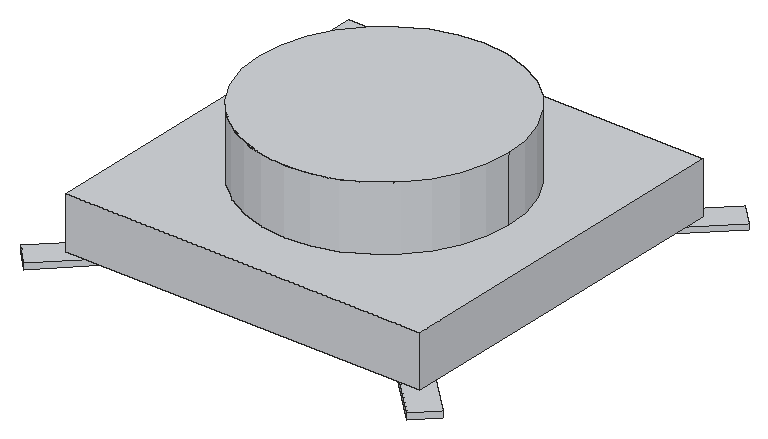
Revit family "Im-Beton-Kanalsystem_IBK_Im-Beton-Dose_für_GESR9", category Generic Models, Revit 2015
Parameters (values of type "IBD 35048 9")
  Width = 440 mm
  URL = "http://www.obo-bettermann.com"
  Material = Steel, Galvanized
  Manufacturer Art. No. = "7399858"
  Manufacturer = "OBO Bettermann"
  Height = 152.2 mm
  GTIN = "4012196331789\r\n4012196331789"
  Dose Height = 72 mm
  Article Type = "IBD 35048 R9"
Types (3, lengths in mm): name | Manufacturer Art. No. | Height | GTIN | Dose Height | Article Type
  (no name) | "7399858" | 152.2 | "4012196331789\r\n4012196331789" | 72 | "IBD 35048 R9"
  IBD 35038 R9 | "7399856" | 142 | "4012196331772" | 62 | "IBD 35038 R9"
  IBD 35048 9 | "7399858" | 152.2 | "4012196331789\r\n4012196331789" | 72 | "IBD 35048 R9"
Reference planes
  plane 1 "Center (Front/Back)": y = 0
  plane 2: z = 0
  plane 3 "Center (Left/Right)": x = 0
  plane 4: z = 7.4
  plane 5: z = 72
  plane 6: z = 152.2
  plane 7: x = -220
  plane 8: y = 220
  plane 9: x = 220
  plane 10: y = -220
  plane 11: through (-316.49, -291.725, 1200) normal (-0.7071, 0.7071, 0)
  plane 12: through (-289.335, -314.067, 1200) normal (-0.7071, 0.7071, 0)
  plane 13: through (-160.782, -160.765, 1200) normal (0.7071, -0.7071, 0)
Forms (mm)
  Extrusion 1, solid
    sketch origin (0, 0, 0) x (1, 0, 0) y (0, 1, 0)
      loop
        line (-220, 220) -> (-220, -220) -> (220, -220) -> (220, 220) -> (-220, 220)
    from 7.4 to 72
  Extrusion 2, solid
    sketch origin (0, 0, 0) x (1, 0, 0) y (0, 1, 0)
      loop
        line (-237.806, 262.538) -> (-262.555, 237.79) -> (-195.38, 170.614) -> (-170.631, 195.363) -> (-237.806, 262.538)
      loop
        line (195.38, 170.614) -> (262.555, 237.79) -> (237.806, 262.538) -> (170.631, 195.363) -> (195.38, 170.614)
      loop
        line (262.555, -237.79) -> (195.38, -170.614) -> (170.631, -195.363) -> (237.806, -262.538) -> (262.555, -237.79)
      loop
        line (-237.806, -262.538) -> (-170.631, -195.363) -> (-195.38, -170.614) -> (-262.555, -237.79) -> (-237.806, -262.538)
    from 0 to 7.4
  Extrusion 3, solid
    sketch origin (0, 0, 0) x (1, 0, 0) y (0, 1, 0)
      loop
        circle (0, 0) r 155
    from 72 to 152.2
Lines and regions (mm)
  model lines
    curve 1: line (-220, 220, 0) -> (220, 220, 0)
    curve 2: line (220, 220, 0) -> (220, -220, 0)
    curve 3: line (220, -220, 0) -> (-220, -220, 0)
    curve 4: line (-220, -220, 0) -> (-220, 220, 0)
    curve 5: line (-195.38, -170.614, 0) -> (-262.555, -237.79, 0)
    curve 6: line (-262.555, -237.79, 0) -> (-237.806, -262.538, 0)
    curve 7: line (-237.806, -262.538, 0) -> (-170.631, -195.363, 0)
    curve 8: line (-195.38, -170.614, 0) -> (-170.631, -195.363, 0)
    curve 9: line (262.555, -237.79, 0) -> (237.806, -262.538, 0)
    curve 10: line (195.38, -170.614, 0) -> (262.555, -237.79, 0)
    curve 11: line (262.555, -237.79, 0) -> (237.806, -262.538, 0)
    curve 12: line (237.806, -262.538, 0) -> (170.631, -195.363, 0)
    curve 13: line (195.38, -170.614, 0) -> (170.631, -195.363, 0)
    curve 14: line (-195.38, 170.614, 0) -> (-262.555, 237.79, 0)
    curve 15: line (-262.555, 237.79, 0) -> (-237.806, 262.538, 0)
    curve 16: line (-237.806, 262.538, 0) -> (-170.631, 195.363, 0)
    curve 17: line (-195.38, 170.614, 0) -> (-170.631, 195.363, 0)
    curve 18: line (195.38, 170.614, 0) -> (262.555, 237.79, 0)
    curve 19: line (262.555, 237.79, 0) -> (237.806, 262.538, 0)
    curve 20: line (237.806, 262.538, 0) -> (170.631, 195.363, 0)
    curve 21: line (195.38, 170.614, 0) -> (170.631, 195.363, 0)
    curve 23: circle (0, 0, 0) r 155 normal (0, 0, 1)
  reference lines
    curve 22: circle (0, 0, 0) r 155 normal (0, 0, 1)
Dimensions and locks
  locked: level to plane 4 at 7.4
  "Dose Height": level to plane 5
  "Height": level to plane 6
  "Width": plane 7 to plane 9
  equal spacing: plane 8, plane 1 "Center (Front/Back)", plane 10
  "Width": plane 8 to plane 10
  plane 11 to plane 12 = 35 mm
  curve 6 to curve 8 = 95 mm
  equal spacing: plane 7, plane 3 "Center (Left/Right)", plane 9
  radius of curve 22 = 155 mm
  locked: Extrusion 1 to plane 12 (angle 45.00°)
  locked: Extrusion 1 to plane 11 (angle 45.00°)
  aligned and locked: level to plane 2
  aligned and locked: curve 1 to plane 8
  aligned and locked: curve 2 to plane 9
  aligned and locked: plane 10 to curve 3
  aligned and locked: plane 7 to curve 4
  aligned and locked: Extrusion 1 sketch curve to curve 1
  aligned and locked: Extrusion 1 sketch curve to curve 4
  aligned and locked: Extrusion 1 sketch curve to curve 3
  aligned and locked: Extrusion 1 sketch curve to curve 2
  aligned and locked: Extrusion 1 to plane 4
  aligned and locked: plane 5 to Extrusion 1
  aligned and locked: plane 11 to curve 5
  aligned and locked: curve 7 to plane 12
  aligned and locked: Extrusion 2 sketch curve to curve 16
  aligned and locked: Extrusion 2 sketch curve to curve 15
  aligned and locked: Extrusion 2 sketch curve to curve 14
  aligned and locked: Extrusion 2 sketch curve to curve 17
  aligned and locked: Extrusion 2 sketch curve to curve 21
  aligned and locked: Extrusion 2 sketch curve to curve 18
  aligned and locked: Extrusion 2 sketch curve to curve 20
  aligned and locked: Extrusion 2 sketch curve to curve 19
  aligned and locked: Extrusion 2 sketch curve to curve 11
  aligned and locked: Extrusion 2 sketch curve to curve 10
  aligned and locked: Extrusion 2 sketch curve to curve 13
  aligned and locked: Extrusion 2 sketch curve to curve 12
  aligned and locked: Extrusion 2 sketch curve to curve 7
  aligned and locked: Extrusion 2 sketch curve to curve 6
  aligned and locked: Extrusion 2 sketch curve to curve 5
  aligned and locked: Extrusion 2 sketch curve to curve 8
  aligned and locked: plane 4 to Extrusion 2
  aligned and locked: Extrusion 2 to level
  aligned and locked: Extrusion 3 sketch curve to curve 23
  aligned and locked: Extrusion 3 to plane 5
  aligned and locked: plane 6 to Extrusion 3
Automatic sketch dimensions
  Extrusion 2 sketch curve to plane 7 = 17.806 mm
  plane 1 "Center (Front/Back)" to curve 22 = 0 mm
  curve 22 to plane 3 "Center (Left/Right)" = 0 mm
  curve 5 to plane 11 = 0 mm
  plane 1 "Center (Front/Back)" to curve 23 = 0 mm
  curve 23 to plane 3 "Center (Left/Right)" = 0 mm
  curve 2 to plane 9 = 0 mm
  curve 7 to plane 7 = 17.806 mm
  curve 15 to plane 7 = 17.806 mm
  curve 15 to curve 15 = 24.749 mm
  plane 7 to curve 14 = 24.62 mm
  curve 20 to plane 9 = 49.369 mm
  curve 12 to plane 9 = 49.369 mm
  curve 18 to plane 9 = 24.62 mm
  curve 10 to plane 9 = 24.62 mm
  plane 9 to curve 12 = 17.806 mm
  plane 9 to curve 20 = 17.806 mm
  curve 9 to plane 10 = 42.538 mm
  curve 11 to plane 10 = 17.79 mm
  curve 21 to plane 8 = 49.386 mm
  curve 17 to plane 8 = 49.386 mm
  curve 17 to plane 8 = 24.637 mm
  curve 20 to plane 8 = 24.637 mm
  radius of curve 23 = 155 mm
